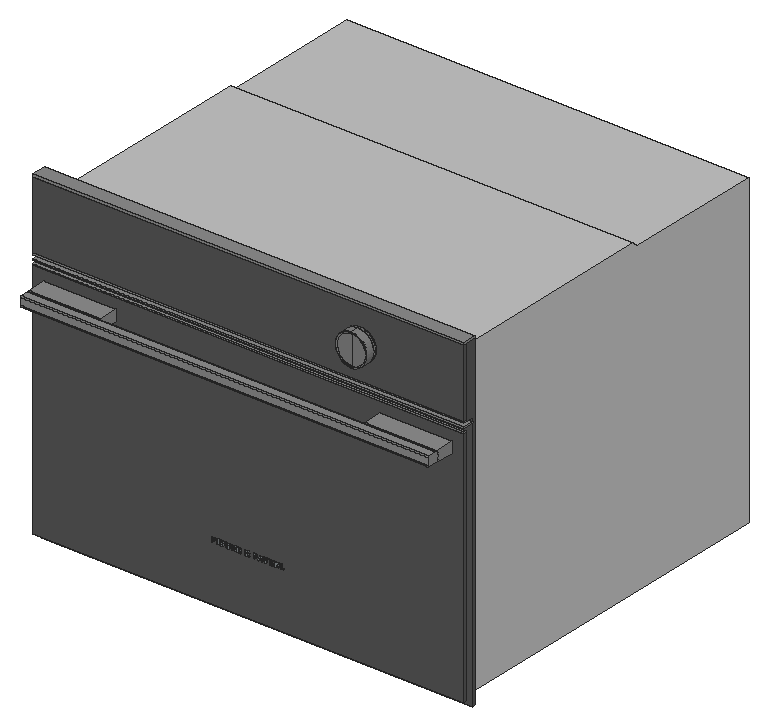
Revit family "FP-Revit19-en-OS24NMTDB1-CombinationSteamlOven-0-90003172A-US-CA", category Specialty Equipment, Revit 2019
Family settings
  Round Connector Dimension = Use Diameter
  Part Type = Normal
  OmniClass Number = 23.40.40.14.17.31
  OmniClass Title = Small Specialized Cooking Equipment
  Work Plane-Based = No
  Always vertical = Yes
  Cut with Voids When Loaded = Yes
  Shared = No
  Room Calculation Point = No
Parameters (values of type "OS24NMTDB1")
  Visibility - Clearance Required = yes
  URL = "www.fisherpaykel.com"
  Product - Height = 458 mm  # constant formula
  Product - Width = 596 mm  # constant formula
  Product - Depth (Exc. Handles) = 565 mm  # constant formula
  Opening - Height = 460 mm  # constant formula
  Model = "OS24NMTDB1"
  Material - Trim = Fisher & Paykel - Aluminium, Dark
  Material - Structure = Fisher & Paykel - Black
  Material - Handle = Fisher & Paykel - Aluminium, Dark
  Material - Glass = Fisher & Paykel - Glass, Black
  Material - Buttons and Dials = Fisher & Paykel - Aluminium, Dark, Matt
  Material - Body = Fisher & Paykel - Grey
  Manufacturer = "Fisher & Paykel Appliances"
  FFL Offset [instance] = 915 mm
  Description = "Combination Steam Oven, 24\", 23 Function"
  Connector Description - Electrical = "208–240V, 60Hz, 16.6-19.4 A"
  Chassis - Width = 556 mm  # constant formula
  Chassis - Height = 435 mm  # constant formula
  Chassis - Depth = 545 mm  # constant formula
  Cavity - Width = 560 mm  # constant formula
  Cavity - Height = 440 mm  # constant formula
  Cavity - Depth = 550 mm  # constant formula
Reference planes
  plane 1 "Datum": y = 0
  plane 2: z = -2
  plane 3 "Center (Left/Right)": x = 0
  plane 4 "Product - LHS": x = -298
  plane 5 "Product - RHS": x = 298
  plane 6 "Cavity - RHS": x = 280
  plane 7 "FFL Offset": z = 913
  plane 8 "Chassis - Depth": y = 545
  plane 9 "Front Face": y = -20
  plane 10 "Chassis - Height": z = 1348
  plane 11 "Cavity - Height": z = 1353
  plane 12 "Opening - Height": z = 1373
  plane 13 "Cavity - LHS": x = -280
  plane 14 "Cavity - Depth": y = 550
  plane 15 "Product - Height": z = 1371
  plane 16 "Opening - RHS": x = 300
  plane 17 "Opening - LHS": x = -300
  plane 18 "Chassis - RHS": x = 278
  plane 19 "Chassis - LHS": x = -278
Forms (mm)
  Extrusion 1, solid, material "Fisher & Paykel - Black" <- "Material - Structure", detail levels fine
    sketch origin (0, 0, 0) x (0, 1, 0) y (0, 0, 1)
      loop
        line (0, 1367.7) -> (-16, 1367.7) -> (-16, 1271) -> (-4, 1271) -> (-4, 913) -> (0, 913) -> (0, 1367.7)
    from -298 to 298
  Extrusion 2, solid, material "Fisher & Paykel - Clearance Required", visible <- "Visibility - Clearance Required", detail levels coarse
    sketch origin (0, 0, -2) x (1, 0, 0) y (0, 1, 0)
      loop
        line (-280, 0) -> (280, 0) -> (280, 550) -> (-280, 550) -> (-280, 0)
    from 915 to 1355
  Extrusion 3, void
    sketch origin (0, 0, 0) x (0, 1, 0) y (0, 0, 1)
      loop
        line (-20, 913) -> (0, 913) -> (0, 1373) -> (-20, 1373) -> (-20, 913)
    from -300 to 300
  Extrusion 4, void
    sketch origin (0, 0, -2) x (1, 0, 0) y (0, 1, 0)
      loop
        line (201.865, 545) -> (229, 498) -> (278, 498) -> (278, 545) -> (201.865, 545)
      loop
        line (-201.903, 545) -> (-278, 545) -> (-278, 498) -> (-229.038, 498) -> (-201.903, 545)
    from 1355 to 915
  Extrusion 5, void
    sketch origin (0, 0, -2) x (1, 0, 0) y (0, 1, 0)
      loop
        line (-278, 0) -> (280, 0) -> (280, 550) -> (-278, 550) -> (-278, 0)
    from 915 to 1355
  Extrusion 6, solid, material "Fisher & Paykel - Clearance Required", visible <- "Visibility - Clearance Required", detail levels coarse
    sketch origin (0, 0, 0) x (0, 1, 0) y (0, 0, 1)
      loop
        line (-20, 927.07) -> (-20, 913) -> (0, 913) -> (0, 1373) -> (-20, 1373) -> (-20, 1260)
        arc (-20, 1260) -> (-242.697, 1184.786) -> (-349.951, 975.626) r 312.455
        line (-349.951, 975.626) -> (-323.58, 971.745) -> (-329.921, 928.657) -> (-313.601, 926.256) -> (-307.26, 969.344) -> (-20, 927.07)
    from -300 to 300
  Extrusion 7, solid, material "Fisher & Paykel - Aluminium, Dark" <- "Material - Trim", detail levels fine
    sketch origin (0, 0, 0) x (0, 1, 0) y (0, 0, 1)
      loop
        line (-20, 1371) -> (-20, 1367.7) -> (0, 1367.7) -> (0, 1371) -> (-20, 1371)
      loop
        line (-20, 1266.2) -> (-20, 1264.6) -> (-4, 1264.6) -> (-4, 1266.2) -> (-20, 1266.2)
      loop
        line (-20, 1272.8) -> (-20, 1271) -> (-16, 1271) -> (-16, 1272.8) -> (-20, 1272.8)
      loop
        line (-20, 1260) -> (-20, 1258.4) -> (-16, 1258.4) -> (-16, 1260) -> (-20, 1260)
    from -298 to 298
  Extrusion 8, solid, material "Fisher & Paykel - Glass, Black", detail levels fine
    sketch origin (0, 0, 0) x (0, 1, 0) y (0, 0, 1)
      loop
        line (-20, 1258.4) -> (-20, 924.8) -> (-16, 924.8) -> (-16, 1258.4) -> (-20, 1258.4)
      loop
        line (-20, 1367.7) -> (-20, 1272.8) -> (-16, 1272.8) -> (-16, 1367.7) -> (-20, 1367.7)
    from -298 to 298
  Extrusion 9, solid, material "Fisher & Paykel - Grey" <- "Material - Body"
    sketch origin (0, 0, 0) x (0, 1, 0) y (0, 0, 1)
      loop
        line (528, 913) -> (528, 963) -> (545, 983) -> (545, 1178) -> (498, 1233) -> (498, 1341) -> (305, 1341) -> (298, 1348) -> (0, 1348) -> (0, 913) -> (528, 913)
    from -278 to 278
  Extrusion 10, solid, material "Fisher & Paykel - Black", detail levels fine
    sketch origin (0, 0, 0) x (0, 1, 0) y (0, 0, 1)
      loop
        line (-16.001, 924.8) -> (-4, 924.8) -> (-4, 1257.5) -> (-16.001, 1257.5) -> (-16.001, 924.8)
    from -278 to 278
  Extrusion 11, solid, material "Fisher & Paykel - Glass, Black" <- "Material - Glass", detail levels coarse+medium
    sketch origin (0, 0, 15) x (0, 1, 0) y (0, 0, 1)
      loop
        line (0, 1356) -> (-20, 1356) -> (-20, 1256) -> (-4, 1256) -> (-4, 1251.2) -> (-4, 1242.5) -> (-16, 1242.5) -> (-16, 1245) -> (-20, 1245) -> (-20, 909.8) -> (-4, 909.8) -> (-4, 898) -> (0, 898) -> (0, 1356)
    from -298 to 298
Cuts and joins
  Extrusion 4 cuts Extrusion 9
Text (mm)
  text "Due to ongoing product development, product details are subject to change without notice. \nPlease always refer to www.fisherpaykel.com for the most current product information. \n© Fisher & Paykel 2020" at (41.04, -613.295, 0), in view "Ref. Level (Plan)"
Dimensions and locks
  "FFL Offset": plane 7 "FFL Offset" to level
  locked: plane 9 "Front Face" to plane 1 "Datum" at 20
  "Cavity - Depth": plane 1 "Datum" to plane 14 "Cavity - Depth"
  "Cavity - Width": plane 13 "Cavity - LHS" to plane 6 "Cavity - RHS"
  "Chassis - Depth": plane 1 "Datum" to plane 8 "Chassis - Depth"
  "Product - Height": plane 15 "Product - Height" to plane 7 "FFL Offset"
  locked: plane 15 "Product - Height" to nested 4 at 366.018
  "Product - Width": plane 4 "Product - LHS" to plane 5 "Product - RHS"
  equal spacing: plane 4 "Product - LHS", plane 3 "Center (Left/Right)", plane 5 "Product - RHS"
  equal spacing: plane 13 "Cavity - LHS", plane 3 "Center (Left/Right)", plane 6 "Cavity - RHS", locked at 280 each
  equal spacing: plane 19 "Chassis - LHS", plane 3 "Center (Left/Right)", plane 18 "Chassis - RHS", locked at 278 each
  plane 8 "Chassis - Depth" to plane 9 "Front Face" = 565 mm
  "Cavity - Height": plane 11 "Cavity - Height" to plane 7 "FFL Offset"
  "Opening - Height": plane 7 "FFL Offset" to plane 12 "Opening - Height"
  "Chassis - Height": plane 10 "Chassis - Height" to plane 7 "FFL Offset"
  locked: nested 2 to plane 15 "Product - Height" at 114.692
  locked: nested 1 to plane 15 "Product - Height" at 52
  "Chassis - Width": cut or joined group of Extrusion 4, Extrusion 9 to cut or joined group of Extrusion 4, Extrusion 9
  equal spacing: Extrusion 5, plane 3 "Center (Left/Right)", cut or joined group of Extrusion 4, Extrusion 9, locked at 278 each
  locked: nested 3 to plane 15 "Product - Height" at 135
  aligned and locked: level to plane 2
  aligned and locked: plane 4 "Product - LHS" to Extrusion 1
  aligned and locked: Extrusion 1 to plane 5 "Product - RHS"
  aligned and locked: plane 9 "Front Face" to Extrusion 3
  aligned and locked: Extrusion 2 to plane 6 "Cavity - RHS"
  aligned and locked: plane 11 "Cavity - Height" to Extrusion 2
  aligned and locked: Extrusion 3 to plane 12 "Opening - Height"
  aligned and locked: Extrusion 3 to Extrusion 1
  aligned and locked: Extrusion 2 to Extrusion 1
  aligned and locked: Extrusion 2 to plane 7 "FFL Offset"
  aligned and locked: Extrusion 5 to Extrusion 2
  aligned and locked: Extrusion 1 to Extrusion 5
  aligned and locked: plane 17 "Opening - LHS" to Extrusion 6
  aligned and locked: Extrusion 6 to plane 16 "Opening - RHS"
  aligned and locked: Extrusion 1 to Extrusion 8
  aligned and locked: Extrusion 7 to Extrusion 1
  aligned and locked: Extrusion 7 to plane 5 "Product - RHS"
  aligned and locked: plane 4 "Product - LHS" to Extrusion 7
  aligned and locked: Extrusion 9 to plane 18 "Chassis - RHS"
  aligned and locked: plane 19 "Chassis - LHS" to Extrusion 9
  aligned and locked: plane 10 "Chassis - Height" to Extrusion 9
  aligned and locked: Extrusion 4 to Extrusion 9
  aligned and locked: Extrusion 2 to Extrusion 4  (x2)
  aligned and locked: Extrusion 4 to plane 7 "FFL Offset"
  aligned and locked: Extrusion 6 to plane 7 "FFL Offset"
  aligned and locked: plane 4 "Product - LHS" to Extrusion 8
Automatic sketch dimensions
  Extrusion 1 sketch curve to plane 7 "FFL Offset" = 0 mm
  Extrusion 1 sketch curve to plane 1 "Datum" = 0 mm
  plane 1 "Datum" to Extrusion 1 sketch curve = 4 mm
  Extrusion 1 sketch curve to plane 9 "Front Face" = 4 mm
  Extrusion 1 sketch curve to plane 10 "Chassis - Height" = 77 mm
  plane 15 "Product - Height" to Extrusion 1 sketch curve = 3.3 mm
  Extrusion 2 sketch curve to plane 13 "Cavity - LHS" = 0 mm
  Extrusion 2 sketch curve to plane 6 "Cavity - RHS" = 0 mm
  plane 1 "Datum" to Extrusion 2 sketch curve = 0 mm
  Extrusion 2 sketch curve to plane 14 "Cavity - Depth" = 0 mm
  Extrusion 3 sketch curve to plane 9 "Front Face" = 0 mm
  Extrusion 3 sketch curve to plane 1 "Datum" = 0 mm
  Extrusion 3 sketch curve to plane 7 "FFL Offset" = 0 mm
  plane 12 "Opening - Height" to Extrusion 3 sketch curve = 0 mm
  Extrusion 4 sketch curve to plane 8 "Chassis - Depth" = 0 mm  (x2)
  Extrusion 4 sketch curve to plane 19 "Chassis - LHS" = 0 mm
  Extrusion 4 sketch curve to plane 18 "Chassis - RHS" = 0 mm
  Extrusion 4 sketch curve to Extrusion 4 sketch curve = 48.962 mm
  Extrusion 4 sketch curve to Extrusion 4 sketch curve = 27.135 mm
  Extrusion 4 sketch curve to Extrusion 4 sketch curve = 76.135 mm
  Extrusion 4 sketch curve to Extrusion 4 sketch curve = 49 mm
  Extrusion 5 sketch curve to plane 13 "Cavity - LHS" = 2 mm
  Extrusion 5 sketch curve to plane 6 "Cavity - RHS" = 0 mm
  plane 1 "Datum" to Extrusion 5 sketch curve = 0 mm
  Extrusion 5 sketch curve to plane 14 "Cavity - Depth" = 0 mm
  Extrusion 6 sketch curve to plane 9 "Front Face" = 0 mm  (x2)
  Extrusion 6 sketch curve to plane 1 "Datum" = 0 mm
  Extrusion 6 sketch curve to plane 7 "FFL Offset" = 0 mm
  Extrusion 6 sketch curve to plane 15 "Product - Height" = 2 mm
  plane 9 "Front Face" to Extrusion 6 sketch curve = 18.71 mm
  plane 7 "FFL Offset" to Extrusion 6 sketch curve = 56.344 mm
  Extrusion 6 sketch curve to Extrusion 6 sketch curve = 268.55 mm
  plane 7 "FFL Offset" to Extrusion 6 sketch curve = 13.256 mm
  Extrusion 6 sketch curve to Extrusion 6 sketch curve = 6.341 mm
  plane 7 "FFL Offset" to Extrusion 6 sketch curve = 58.745 mm
  Extrusion 6 sketch curve to Extrusion 6 sketch curve = 16.32 mm
  plane 7 "FFL Offset" to Extrusion 6 sketch curve = 62.626 mm
  Extrusion 6 sketch curve to Extrusion 6 sketch curve = 21.035 mm
  Extrusion 7 sketch curve to plane 9 "Front Face" = 0 mm  (x4)
  Extrusion 7 sketch curve to plane 1 "Datum" = 0 mm
  plane 15 "Product - Height" to Extrusion 7 sketch curve = 0 mm
  Extrusion 7 sketch curve to plane 9 "Front Face" = 4 mm  (x2)
  plane 1 "Datum" to Extrusion 7 sketch curve = 4 mm
  Extrusion 7 sketch curve to Extrusion 7 sketch curve = 3.3 mm
  Extrusion 7 sketch curve to plane 10 "Chassis - Height" = 75.2 mm
  Extrusion 7 sketch curve to Extrusion 7 sketch curve = 1.8 mm
  Extrusion 7 sketch curve to Extrusion 7 sketch curve = 4.8 mm
  Extrusion 7 sketch curve to Extrusion 7 sketch curve = 1.6 mm  (x2)
  Extrusion 7 sketch curve to Extrusion 7 sketch curve = 4.6 mm
  Extrusion 8 sketch curve to plane 9 "Front Face" = 0 mm  (x2)
  Extrusion 8 sketch curve to plane 9 "Front Face" = 4 mm  (x2)
  plane 7 "FFL Offset" to Extrusion 8 sketch curve = 11.8 mm
  Extrusion 8 sketch curve to plane 10 "Chassis - Height" = 89.6 mm
  Extrusion 8 sketch curve to Extrusion 8 sketch curve = 14.4 mm
  plane 15 "Product - Height" to Extrusion 8 sketch curve = 3.3 mm
  Extrusion 9 sketch curve to plane 1 "Datum" = 0 mm
  Extrusion 9 sketch curve to plane 10 "Chassis - Height" = 0 mm
  Extrusion 9 sketch curve to plane 7 "FFL Offset" = 0 mm
  Extrusion 9 sketch curve to plane 8 "Chassis - Depth" = 0 mm
  Extrusion 9 sketch curve to Extrusion 9 sketch curve = 7 mm
  Extrusion 9 sketch curve to plane 10 "Chassis - Height" = 7 mm
  plane 7 "FFL Offset" to Extrusion 9 sketch curve = 50 mm
  Extrusion 9 sketch curve to Extrusion 9 sketch curve = 20 mm
  Extrusion 9 sketch curve to Extrusion 9 sketch curve = 163 mm
  Extrusion 9 sketch curve to Extrusion 9 sketch curve = 55 mm
  Extrusion 11 sketch curve to plane 9 "Front Face" = 0 mm  (x2)
  Extrusion 11 sketch curve to plane 7 "FFL Offset" = 0 mm
  Extrusion 11 sketch curve to plane 1 "Datum" = 0 mm
  plane 15 "Product - Height" to Extrusion 11 sketch curve = 0 mm
  Extrusion 11 sketch curve to Extrusion 11 sketch curve = 4 mm  (x2)
  plane 1 "Datum" to Extrusion 11 sketch curve = 4 mm
  plane 7 "FFL Offset" to Extrusion 11 sketch curve = 11.8 mm
  Extrusion 11 sketch curve to plane 10 "Chassis - Height" = 90.5 mm
  Extrusion 11 sketch curve to Extrusion 11 sketch curve = 2.5 mm
  Extrusion 11 sketch curve to Extrusion 11 sketch curve = 8.7 mm
  Extrusion 11 sketch curve to Extrusion 11 sketch curve = 11 mm
  Extrusion 10 sketch curve to plane 9 "Front Face" = 3.999 mm
  plane 1 "Datum" to Extrusion 10 sketch curve = 4 mm
  plane 7 "FFL Offset" to Extrusion 10 sketch curve = 11.8 mm
  Extrusion 10 sketch curve to plane 10 "Chassis - Height" = 90.5 mm
  Extrusion 4 sketch curve to plane 8 "Chassis - Depth" = 47 mm  (x2)
  Extrusion 9 sketch curve to plane 8 "Chassis - Depth" = 247 mm
  Extrusion 9 sketch curve to plane 8 "Chassis - Depth" = 47 mm
  Extrusion 9 sketch curve to plane 8 "Chassis - Depth" = 17 mm
Nested families
  nested 1: "F&P Dial Minimal Oven" at (155.3, -20, 1319), type "F&P Dial Minimal Oven"
  nested 2: "F&P Power Connection Oven" at (-114.5, 515.582, 1298.335) x (0, -1, 0) z (0, 0, 1), type "F&P Power Connection Oven"
  nested 3: "F&P Handle Contemporary Square Fine OB60-24" at (0, -20, 1236.022), type "Aluminium Black"
  nested 4: "F&P Logo 100mm" at (0.044, -20, 1002.177), type "Grey"
Connectors
  electrical at (-114.5, 498, 1298.335), driven by "Connector Description - Electrical"
    settings: on nested 2, index 1, voltage 120 V, apparent load 0 VA, apparent load phase1 0 VA, apparent load phase2 0 VA, apparent load phase3 0 VA, power factor 1, load classification "Other", number of poles 1, system type 30, power factor state 1, is connector primary yes, connector utility no, sub classification motor yes, connector description "208–240V, 60Hz, 16.6-19.4 A"
Definition of nested family "F&P Dial Minimal Oven"
  Parameters (values of type "F&P Dial Minimal Oven")
    URL = "www.fisherpaykel.com"
    Material - Buttons and Dials = none
    Manufacturer = "Fisher & Paykel Appliances"
  Reference planes
    plane 1 "Center (Front/Back)": y = 0
    plane 2: z = 0
    plane 3 "Center (Left/Right)": x = 0
    plane 4: x = 0
    plane 5 "Dial": z = 0
  Forms (mm)
    Revolve 1, solid, material <- "Material - Buttons and Dials", detail levels fine
      sketch origin (0, 0, 0) x (0, 1, 0) y (0, 0, 1)
        loop
          line (-15.2, 0) -> (0, 0) -> (0, 22) -> (-0.8, 22) -> (-0.8, 18.5) -> (-4.2, 18.5) -> (-4.2, 20.136) -> (-4.7, 22) -> (-15.8, 22) -> (-15.8, 21.2) -> (-15.301, 20) -> (-15.301, 0)
        axis (-15.8, 0) -> (0, 0)
      angle from 0 to 360
    Revolve 2, solid, material <- "Material - Buttons and Dials", detail levels coarse+medium
      sketch origin (0, 0, 0) x (0, 1, 0) y (0, 0, 1)
        loop
          line (0, 18.5) -> (-4.2, 18.5) -> (-4.2, 22) -> (-15.8, 22) -> (-15.8, 0) -> (0, 0) -> (0, 18.5)
        axis (-15.8, 0) -> (0, 0)
      angle from 0 to 360
  Dimensions and locks
    aligned and locked: level to plane 2
Definition of nested family "F&P Power Connection Oven"
  Parameters (values of type "F&P Power Connection Cooktop")
    URL = "www.fisherpaykel.com"
    Model = ""
    Material - Body = none
    Manufacturer = "Fisher & Paykel Appliances"
    Description = ""
  Types (2): name
    F&P Power Connection Cooktop
    F&P Power Connection Oven
  Reference planes
    plane 1 "Center (Front/Back)": y = 0
    plane 2: z = 0
    plane 3 "Center (Left/Right)": x = 0
    plane 4 "Cable": y = 0
  Forms (mm)
    Revolve 1, solid, material <- "Material - Body"
      sketch origin (-0.023, -399.847, 84.822) x (0, 1, 0) y (0, 0, -1)
        loop
          line (399.847, 73.156) -> (399.847, 126.85) -> (388.182, 126.85) -> (388.182, 84.821)
          arc (388.182, 84.821) -> (391.598, 76.573) -> (399.847, 73.156) r 11.665
        axis (399.847, 73.156) -> (399.847, 126.85)
      angle from 0 to 360
    Revolve 2, solid, material <- "Material - Body"
      sketch origin (399.232, 0, 534.575) x (-1, 0, 0) y (0, 0, 1)
        loop
          line (381.651, -522.91) -> (381.651, -534.575) -> (410.931, -534.575)
          arc (410.931, -534.575) -> (407.51, -526.326) -> (399.259, -522.91) r 11.672
          line (399.259, -522.91) -> (381.651, -522.91)
        axis (381.651, -534.575) -> (410.931, -534.575)
      angle from 0 to 360
    Revolve 3, solid, material <- "Material - Body", detail levels fine
      sketch origin (0, 0.009, -36.5) x (1, 0, 0) y (0, -1, 0)
        loop
          line (-6, -15.491) -> (9, -15.491) -> (9, -13.132) -> (-4, -13.132) -> (-4, -11.491) -> (-6, -11.491) -> (-6, -15.491)
        axis (-6, -15.491) -> (9, -15.491)
      angle from 0 to 360
    Extrusion 4, solid, material <- "Material - Body", detail levels fine
      sketch origin (0, 0.206, -626.022) x (0, 1, 0) y (0, 0, 1)
        loop
          line (-10.988, 595.022) -> (-15.706, 595.022)
          arc (-15.706, 595.022) -> (-21.206, 589.522) -> (-15.706, 584.022) r 5.5
          line (-15.706, 584.022) -> (-10.988, 584.022) -> (-10.988, 595.022)
      from -4 to 0
    Extrusion 5, solid, material <- "Material - Body", detail levels fine
      sketch origin (0, -0.206, -626.022) x (0, -1, 0) y (0, 0, -1)
        loop
          line (-11.044, -595.022) -> (-11.044, -584.022) -> (-15.706, -584.022)
          arc (-15.706, -584.022) -> (-21.206, -589.522) -> (-15.706, -595.022) r 5.5
          line (-15.706, -595.022) -> (-11.044, -595.022)
      from -4 to 0
    Revolve 6, solid, material <- "Material - Body", detail levels fine
      sketch origin (0, -0.009, -36.5) x (1, 0, 0) y (0, 1, 0)
        loop
          line (-6, -15.491) -> (9, -15.491) -> (9, -13.132) -> (-4, -13.132) -> (-4, -11.491) -> (-6, -11.491) -> (-6, -15.491)
        axis (-6, -15.491) -> (9, -15.491)
      angle from 0 to 360
  Text (mm)
    text "Due to ongoing product development, product details are subject to change without notice. \nPlease always refer to www.fisherpaykel.com for the most current product information. \n© Fisher & Paykel 2020" at (41.04, -387.478, 0), in view "Ref. Level (Plan)"
  Dimensions and locks
    aligned and locked: level to plane 2
Definition of nested family "F&P Handle Contemporary Square Fine OB60-24"
  Parameters (values of type "Aluminium Black")
    URL = "www.fisherpaykel.com"
    Material - Handle = none
    Manufacturer = "Fisher & Paykel Appliances"
    Handle - Length = 565 mm
  Reference planes
    plane 1 "Center (Front/Back)": y = 0
    plane 2: z = 0
    plane 3 "Center (Left/Right)": x = 0
    plane 4 "Product LHS": x = -282.5
    plane 5 "Product RHS": x = 282.5
    plane 6 "LHS Standoff": x = -182.495
    plane 7 "RHS Standoff": x = 182.505
    plane 8 "Handle centre": z = -0.022
    plane 9: z = -0.022
  Forms (mm)
    Extrusion 1, solid, material <- "Material - Handle", detail levels fine
      sketch origin (0, 0, 0) x (0, 1, 0) y (0, 0, 1)
        loop
          arc (-26.813, 6.16) -> (-27.196, 6.554) -> (-27.728, 6.686) r 1
          line (-27.728, 6.686) -> (-40.035, 6.256)
          arc (-40.035, 6.256) -> (-40.719, 5.951) -> (-41, 5.257) r 1
          line (-41, 5.257) -> (-41, -5.257)
          arc (-41, -5.257) -> (-40.719, -5.951) -> (-40.035, -6.256) r 1
          line (-40.035, -6.256) -> (-27.709, -6.686)
          arc (-27.709, -6.686) -> (-27.175, -6.554) -> (-26.792, -6.158) r 1
          arc (-26.792, -6.158) -> (-25.256, 0.004) -> (-26.813, 6.16) r 13.038
      from -282.5 to 282.5
    Extrusion 2, solid, material <- "Material - Handle", detail levels fine
      sketch origin (0, 0, 0) x (0, 1, 0) y (0, 0, 1)
        loop
          arc (-26.626, -6.008) -> (-26.614, -6.49) -> (-26.2, -6.737) r 0.5
          line (-26.2, -6.737) -> (0, -7.696) -> (0, 7.704) -> (-26.174, 6.747)
          arc (-26.174, 6.747) -> (-26.587, 6.5) -> (-26.6, 6.019) r 0.5
          arc (-26.6, 6.019) -> (-25.156, 0.002) -> (-26.626, -6.008) r 13.136
      from 182.505 to 282.5
    Extrusion 3, solid, material <- "Material - Handle", detail levels coarse+medium
      sketch origin (0, 0, 0) x (1, 0, 0) y (0, 1, 0)
        loop
          line (-282.5, -42) -> (282.5, -42) -> (282.5, 0) -> (182.505, 0) -> (182.505, -26.156) -> (-182.495, -26.156) -> (-182.495, 0) -> (-282.5, 0) -> (-282.5, -42)
      from -8.022 to 7.978
    Extrusion 4, solid, material <- "Material - Handle", detail levels fine
      sketch origin (0, 0, 0) x (0, 1, 0) y (0, 0, 1)
        loop
          arc (-26.626, -6.008) -> (-26.614, -6.49) -> (-26.2, -6.737) r 0.5
          line (-26.2, -6.737) -> (0, -7.696) -> (0, 7.704) -> (-26.174, 6.747)
          arc (-26.174, 6.747) -> (-26.587, 6.5) -> (-26.6, 6.019) r 0.5
          arc (-26.6, 6.019) -> (-25.156, 0.002) -> (-26.626, -6.008) r 13.136
      from -282.5 to -182.495
  Dimensions and locks
    equal spacing: plane 4 "Product LHS", plane 3 "Center (Left/Right)", plane 5 "Product RHS"
    "Handle - Length": plane 4 "Product LHS" to plane 5 "Product RHS"
    locked: plane 4 "Product LHS" to plane 6 "LHS Standoff" at 100.005
    locked: plane 7 "RHS Standoff" to plane 5 "Product RHS" at 99.995
    aligned and locked: level to plane 2
    aligned and locked: Extrusion 1 to plane 5 "Product RHS"
    aligned and locked: plane 4 "Product LHS" to Extrusion 1
    aligned and locked: Extrusion 2 to plane 5 "Product RHS"
    aligned and locked: plane 4 "Product LHS" to Extrusion 3 sketch curve
    aligned and locked: Extrusion 3 sketch curve to plane 5 "Product RHS"
    aligned and locked: Extrusion 3 sketch curve to plane 7 "RHS Standoff"
    aligned and locked: plane 6 "LHS Standoff" to Extrusion 3 sketch curve
    aligned and locked: plane 4 "Product LHS" to Extrusion 4
    aligned and locked: plane 6 "LHS Standoff" to Extrusion 4
    aligned and locked: Extrusion 2 to plane 7 "RHS Standoff"
  Automatic sketch dimensions
    Extrusion 1 sketch curve to level = 5.257 mm
    plane 1 "Center (Front/Back)" to Extrusion 1 sketch curve = 41 mm
    level to Extrusion 1 sketch curve = 6.256 mm
    Extrusion 1 sketch curve to Extrusion 1 sketch curve = 0.965 mm  (x2)
    Extrusion 1 sketch curve to level = 6.256 mm
    Extrusion 1 sketch curve to Extrusion 1 sketch curve = 0.035 mm  (x3)
    Extrusion 1 sketch curve to level = 0.018 mm
    Extrusion 1 sketch curve to Extrusion 1 sketch curve = 1.706 mm
    level to Extrusion 1 sketch curve = 6.686 mm
    Extrusion 1 sketch curve to Extrusion 1 sketch curve = 12.307 mm
    Extrusion 1 sketch curve to level = 6.686 mm
    Extrusion 1 sketch curve to Extrusion 1 sketch curve = 12.326 mm
    Extrusion 1 sketch curve to Extrusion 1 sketch curve = 0.999 mm  (x2)
    Extrusion 1 sketch curve to Extrusion 1 sketch curve = 0 mm
    Extrusion 2 sketch curve to plane 1 "Center (Front/Back)" = 0 mm
    level to Extrusion 2 sketch curve = 6.247 mm
    plane 1 "Center (Front/Back)" to Extrusion 2 sketch curve = 26.155 mm
    level to Extrusion 2 sketch curve = 6.747 mm
    Extrusion 2 sketch curve to Extrusion 2 sketch curve = 0.018 mm  (x2)
    Extrusion 2 sketch curve to level = 6.238 mm
    Extrusion 2 sketch curve to Extrusion 2 sketch curve = 0.026 mm
    Extrusion 2 sketch curve to level = 6.737 mm
    level to Extrusion 2 sketch curve = 0.03 mm
    Extrusion 2 sketch curve to Extrusion 2 sketch curve = 12.11 mm
    Extrusion 2 sketch curve to level = 7.696 mm
    level to Extrusion 2 sketch curve = 7.704 mm
    Extrusion 2 sketch curve to Extrusion 2 sketch curve = 0 mm
    plane 1 "Center (Front/Back)" to Extrusion 3 sketch curve = 42 mm
    Extrusion 3 sketch curve to Extrusion 3 sketch curve = 15.844 mm
    Extrusion 3 sketch curve to Extrusion 3 sketch curve = 26.156 mm  (x2)
    level to Extrusion 4 sketch curve = 0.03 mm
    plane 1 "Center (Front/Back)" to Extrusion 4 sketch curve = 38.291 mm
    Extrusion 4 sketch curve to level = 6.737 mm
    Extrusion 4 sketch curve to Extrusion 4 sketch curve = 12.091 mm
    Extrusion 4 sketch curve to Extrusion 4 sketch curve = 0.018 mm  (x2)
    level to Extrusion 4 sketch curve = 6.747 mm
    Extrusion 4 sketch curve to Extrusion 4 sketch curve = 0.008 mm
    level to Extrusion 4 sketch curve = 7.704 mm
    Extrusion 4 sketch curve to Extrusion 4 sketch curve = 26.174 mm
    Extrusion 4 sketch curve to level = 7.696 mm
    Extrusion 4 sketch curve to Extrusion 4 sketch curve = 0.5 mm  (x2)
    Extrusion 4 sketch curve to Extrusion 4 sketch curve = 0 mm
Definition of nested family "F&P Logo 100mm"
  Parameters (values of type "Grey")
    URL = "www.fisherpaykel.com"
    Material - Logo = none
    Manufacturer = "Fisher & Paykel Appliances"
  Reference planes
    plane 1 "Center (Front/Back)": y = 0
    plane 2: z = 0
    plane 3 "Center (Left/Right)": x = 0
    plane 4 "Logo": z = 2.805
  Forms (mm)
    Extrusion 1, solid, material <- "Material - Logo", detail levels fine
      sketch origin (0, 0, 0) x (1, 0, 0) y (0, 0, 1)
        loop
          line (-50.044, 0) -> (-48.47, 0) -> (-48.47, 2.138) -> (-46.011, 2.138) -> (-46.011, 3.472) -> (-48.47, 3.472) -> (-48.47, 4.712) -> (-45.795, 4.712) -> (-45.795, 6.04) -> (-50.044, 6.04) -> (-50.044, 0)
        loop
          line (-42.804, 6.04) -> (-42.804, 0) -> (-41.23, 0) -> (-41.23, 6.04) -> (-42.804, 6.04)
        loop
          line (-30.724, 6.04) -> (-30.724, 0) -> (-29.151, 0) -> (-29.151, 2.42) -> (-26.839, 2.42) -> (-26.839, 0) -> (-25.265, 0) -> (-25.265, 6.04) -> (-26.839, 6.04) -> (-26.839, 3.748) -> (-29.151, 3.748) -> (-29.151, 6.04) -> (-30.724, 6.04)
        loop
          line (-21.906, 6.04) -> (-21.906, 0) -> (-17.602, 0) -> (-17.602, 1.328) -> (-20.347, 1.328) -> (-20.347, 2.42) -> (-17.838, 2.42) -> (-17.838, 3.748) -> (-20.347, 3.748) -> (-20.347, 4.712) -> (-17.602, 4.712) -> (-17.602, 6.04) -> (-21.906, 6.04)
        loop
          line (45.667, 6.04) -> (45.667, 0) -> (49.956, 0) -> (49.956, 1.328) -> (47.241, 1.328) -> (47.241, 6.04) -> (45.667, 6.04)
        loop
          line (42.431, 6.04) -> (38.112, 6.04) -> (38.112, 0) -> (42.431, 0) -> (42.431, 1.328) -> (39.687, 1.328) -> (39.687, 2.42) -> (42.195, 2.42) -> (42.195, 3.748) -> (39.687, 3.748) -> (39.687, 4.712) -> (42.431, 4.712) -> (42.431, 6.04)
        loop
          line (33.451, 3.148) -> (35.683, 6.04) -> (33.844, 6.04) -> (31.915, 3.542) -> (31.915, 6.04) -> (30.342, 6.04) -> (30.342, 0) -> (31.915, 0) -> (31.915, 2.705) -> (33.903, 0) -> (35.763, 0) -> (33.451, 3.148)
        loop
          line (21.98, 6.04) -> (24.262, 2.42) -> (24.262, 0) -> (25.837, 0) -> (25.837, 2.341) -> (28.119, 6.04) -> (26.446, 6.04) -> (25.099, 3.707) -> (23.753, 6.04) -> (21.98, 6.04)
        loop
          line (18.479, 6.04) -> (16.983, 6.04) -> (14.524, 0) -> (16.069, 0) -> (16.501, 1.112) -> (18.921, 1.112) -> (19.354, 0) -> (20.938, 0) -> (18.479, 6.04)
        loop
          line (18.4, 2.439) -> (17.693, 4.174) -> (17.018, 2.439) -> (18.4, 2.439)
        loop
          line (8.031, 6.04) -> (8.031, 0) -> (9.605, 0) -> (9.605, 1.938) -> (10.599, 1.938)
          arc (10.599, 1.938) -> (12.65, 3.989) -> (10.599, 6.04) r 2.051
          line (10.599, 6.04) -> (8.031, 6.04)
        loop
          line (9.605, 4.712) -> (9.605, 3.197) -> (10.501, 3.197)
          arc (10.501, 3.197) -> (11.259, 3.954) -> (10.501, 4.712) r 0.757
          line (10.501, 4.712) -> (9.605, 4.712)
        loop
          line (-11.783, 6.04) -> (-14.366, 6.04) -> (-14.366, 0) -> (-12.792, 0) -> (-12.792, 1.336) -> (-11.992, 1.336) -> (-10.972, 0) -> (-9.153, 0) -> (-10.694, 1.973)
          arc (-10.694, 1.973) -> (-9.678, 4.424) -> (-11.783, 6.04) r 2.179
        loop
          line (-11.897, 4.712) -> (-12.792, 4.712) -> (-12.792, 3.053) -> (-11.897, 3.053)
          arc (-11.897, 3.053) -> (-11.068, 3.882) -> (-11.897, 4.712) r 0.83
        loop
          line (0.477, 4.712) -> (0.477, 6.153) -> (-3.575, 6.153) -> (-3.575, 4.851) -> (-2.974, 4.112)
          arc (-2.974, 4.112) -> (-3.51, 0.684) -> (-0.045, 0.512) r 2.334
          line (-0.045, 0.512) -> (0.46, -0.109) -> (2.246, -0.109) -> (0.86, 1.594) -> (2.061, 3.324) -> (0.443, 3.324) -> (-0.013, 2.667) -> (-1.677, 4.712) -> (0.477, 4.712)
        loop
          arc (-2.125, 3.068) -> (-2.269, 1.668) -> (-0.868, 1.524) r 0.996
          line (-0.868, 1.524) -> (-2.125, 3.068)
        loop
          line (-35.18, 3.634) -> (-36.516, 3.91)
          arc (-36.516, 3.91) -> (-37.049, 4.443) -> (-36.516, 4.976) r 0.533
          arc (-36.516, 4.976) -> (-35.235, 4.79) -> (-34.059, 4.248) r 4.505
          line (-34.059, 4.248) -> (-34.059, 5.743)
          arc (-34.059, 5.743) -> (-35.549, 6.179) -> (-37.1, 6.109) r 4.726
          arc (-37.1, 6.109) -> (-38.536, 4.335) -> (-37.1, 2.561) r 1.814
          line (-37.1, 2.561) -> (-35.754, 2.282)
          arc (-35.754, 2.282) -> (-35.221, 1.749) -> (-35.754, 1.216) r 0.533
          arc (-35.754, 1.216) -> (-37.035, 1.402) -> (-38.211, 1.945) r 4.505
          line (-38.211, 1.945) -> (-38.211, 0.449)
          arc (-38.211, 0.449) -> (-36.72, 0.013) -> (-35.169, 0.083) r 4.726
          arc (-35.169, 0.083) -> (-33.734, 1.863) -> (-35.18, 3.634) r 1.814
      from 0 to 0.8
  Dimensions and locks
    aligned and locked: level to plane 2
